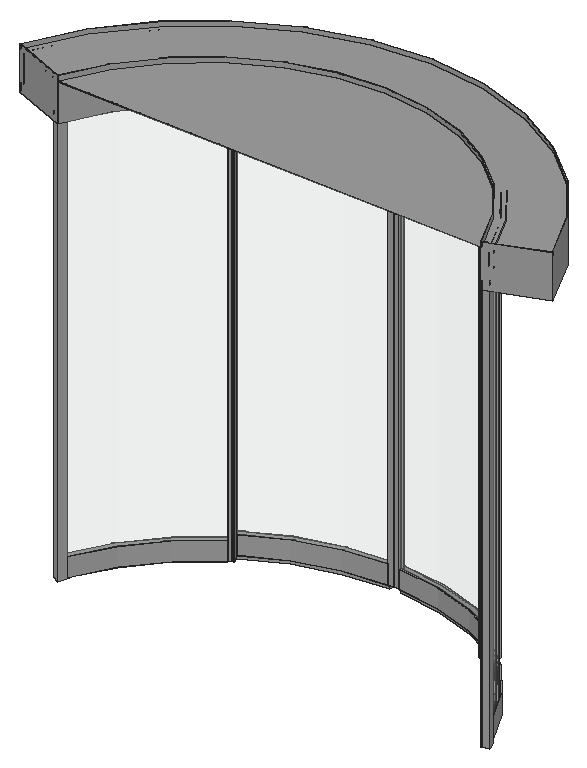
Revit family "agtatec_Record_SldngDrset_RST-ABST-IBST_Curtain Wall Panel", category Curtain Panels, Revit 2015 (continued)
Definition of nested family "RST - Generic"
  Definition of nested family "Panels"
    Automatic sketch dimensions
      Sweep 6 sketch curve to Sweep 6 sketch curve = 13 mm
      Sweep 6 sketch curve to Sweep 6 sketch curve = 2.351 mm
      Sweep 6 sketch curve to Sweep 6 sketch curve = 0.963 mm
      Sweep 6 sketch curve to Sweep 6 sketch curve = 0.982 mm
      Sweep 6 sketch curve to profile plane = 10 mm
      Sweep 6 sketch curve to profile plane = 7 mm
      Sweep 6 sketch curve to Sweep 6 sketch curve = 3 mm
      Sweep 6 sketch curve to Sweep 6 sketch curve = 9.564 mm
      Sweep 6 sketch curve to Sweep 6 sketch curve = 0.125 mm
      Sweep 9 sketch curve to profile plane = 0 mm  (x2)
      profile plane to Sweep 9 sketch curve = 15 mm  (x2)
      profile plane to Sweep 9 sketch curve = 12 mm
      profile plane to Sweep 9 sketch curve = 5 mm
      Sweep 9 sketch curve to Sweep 9 sketch curve = 1.4 mm  (x2)
      Sweep 9 sketch curve to Sweep 9 sketch curve = 1.3 mm
      Sweep 9 sketch curve to profile plane = 0.5 mm
      Sweep 9 sketch curve to Sweep 9 sketch curve = 5.66 mm
      Sweep 9 sketch curve to profile plane = 12 mm
      Sweep 9 sketch curve to Sweep 9 sketch curve = 7.44 mm
      Sweep 9 sketch curve to Sweep 9 sketch curve = 10 mm
      Sweep 9 sketch curve to Sweep 9 sketch curve = 3 mm  (x3)
      Sweep 7 to Sweep 10 sketch curve = 0 mm
      Sweep 7 to Sweep 10 sketch curve = 5 mm
      Sweep 10 sketch curve to profile plane = 0 mm  (x2)
      profile plane to Sweep 10 sketch curve = 15 mm  (x2)
      profile plane to Sweep 10 sketch curve = 12 mm
      Sweep 10 sketch curve to Sweep 10 sketch curve = 7.44 mm
      Sweep 10 sketch curve to Sweep 10 sketch curve = 1.4 mm  (x2)
      profile plane to Sweep 10 sketch curve = 0.5 mm
      Sweep 10 sketch curve to profile plane = 2.3 mm
      Sweep 10 sketch curve to Sweep 10 sketch curve = 1.3 mm
      Sweep 10 sketch curve to profile plane = 12 mm
      Sweep 10 sketch curve to Sweep 10 sketch curve = 10 mm  (x2)
      Sweep 10 sketch curve to Sweep 10 sketch curve = 3 mm  (x3)
      profile plane to Sweep 11 sketch curve = 5 mm
      Sweep 11 sketch curve to profile plane = 5 mm
      profile plane to Sweep 13 sketch curve = 0 mm  (x2)
      profile plane to Sweep 13 sketch curve = 15 mm
      Sweep 13 sketch curve to Sweep 13 sketch curve = 3 mm
      Sweep 13 sketch curve to profile plane = 12 mm
      Sweep 13 sketch curve to profile plane = 15 mm
      Sweep 13 sketch curve to Sweep 13 sketch curve = 0 mm
      Sweep 13 sketch curve to Sweep 13 sketch curve = 11 mm
      Sweep 13 sketch curve to Sweep 13 sketch curve = 0.123 mm
      Sweep 13 sketch curve to Sweep 13 sketch curve = 15 mm  (x2)
      Sweep 13 sketch curve to Sweep 13 sketch curve = 10 mm
      Sweep 13 sketch curve to Sweep 13 sketch curve = 0.963 mm
      Sweep 13 sketch curve to Sweep 13 sketch curve = 3.35 mm
      Sweep 14 sketch curve to Sweep 7 = 0 mm
      Sweep 7 to Sweep 14 sketch curve = 5 mm
      profile plane to Sweep 14 sketch curve = 0 mm  (x2)
      profile plane to Sweep 14 sketch curve = 26.123 mm
      Sweep 14 sketch curve to Sweep 14 sketch curve = 0.123 mm
      Sweep 14 sketch curve to Sweep 14 sketch curve = 11.123 mm
      Sweep 14 sketch curve to Sweep 14 sketch curve = 0 mm
      Sweep 14 sketch curve to Sweep 14 sketch curve = 3 mm  (x2)
      Sweep 14 sketch curve to profile plane = 12 mm
      Sweep 14 sketch curve to Sweep 14 sketch curve = 15 mm  (x2)
      Sweep 14 sketch curve to Sweep 14 sketch curve = 10 mm
      Sweep 14 sketch curve to Sweep 14 sketch curve = 0.963 mm
      Sweep 14 sketch curve to Sweep 14 sketch curve = 3.35 mm
      Masking region 2 sketch curve to Masking region 2 sketch curve = 3 mm
      Masking region 2 sketch curve to curve 1 = 21.945 mm
      Masking region 2 sketch curve to curve 1 = 20.001 mm
      Masking region 3 sketch curve to curve 1 = 20.001 mm
      Masking region 3 sketch curve to curve 1 = 21.945 mm
      Masking region 3 sketch curve to Masking region 3 sketch curve = 2.7 mm
      Masking region 7 sketch curve to Masking region 7 sketch curve = 0.123 mm
      Masking region 7 sketch curve to Masking region 7 sketch curve = 1.65 mm
      Masking region 8 sketch curve to Masking region 8 sketch curve = 0.123 mm
      curve 17 to curve 12 = 3 mm
      curve 10 to curve 18 = 3 mm
      profile plane to Sweep 15 sketch curve = 10 mm
      profile plane to Sweep 15 sketch curve = 7 mm
      Sweep 15 sketch curve to Sweep 15 sketch curve = 3 mm  (x2)
      Sweep 15 sketch curve to Sweep 15 sketch curve = 2.65 mm  (x2)
      Sweep 15 sketch curve to profile plane = 4.35 mm
      Sweep 15 sketch curve to profile plane = 7 mm
      level to Sweep 15 sketch curve = 5 mm  (x2)
      Sweep 15 sketch curve to Sweep 15 sketch curve = 24 mm
      Sweep 15 sketch curve to Sweep 15 sketch curve = 0 mm  (x2)
      Sweep 15 sketch curve to Sweep 15 sketch curve = 11 mm
      Sweep 15 sketch curve to Sweep 15 sketch curve = 4 mm
      Sweep 15 sketch curve to Sweep 15 sketch curve = 34 mm
      Sweep 16 sketch curve to plane 4 "Top Plane" = 0 mm  (x2)
      profile plane to Sweep 16 sketch curve = 10 mm
      profile plane to Sweep 16 sketch curve = 6.5 mm
      profile plane to Sweep 16 sketch curve = 4.35 mm
      Sweep 16 sketch curve to profile plane = 4.35 mm
      Sweep 16 sketch curve to profile plane = 6.5 mm
      Sweep 16 sketch curve to Sweep 16 sketch curve = 3.5 mm
      plane 4 "Top Plane" to Sweep 16 sketch curve = 28 mm
      Sweep 16 sketch curve to Sweep 16 sketch curve = 4 mm
      Sweep 16 sketch curve to Sweep 16 sketch curve = 12 mm  (x2)
      plane 6 "T" to Sweep 17 sketch curve = 0 mm
      profile plane to Sweep 17 sketch curve = 0 mm  (x2)
      Sweep 17 sketch curve to Sweep 17 sketch curve = 7 mm
      Sweep 17 sketch curve to Sweep 17 sketch curve = 2 mm  (x2)
      Sweep 17 sketch curve to Sweep 17 sketch curve = 6 mm  (x2)
      Sweep 17 sketch curve to profile plane = 10 mm
      Sweep 17 sketch curve to Sweep 17 sketch curve = 3 mm
      Sweep 17 sketch curve to profile plane = 5 mm
      profile plane to Sweep 17 sketch curve = 5 mm
      Sweep 17 sketch curve to Sweep 17 sketch curve = 5 mm
      Sweep 15 to Sweep 18 sketch curve = 0 mm
      Sweep 18 sketch curve to profile plane = 0 mm  (x2)
      profile plane to Sweep 18 sketch curve = 10 mm
      profile plane to Sweep 18 sketch curve = 7 mm  (x2)
      profile plane to Sweep 18 sketch curve = 5 mm
      Sweep 18 sketch curve to profile plane = 5 mm
      Sweep 18 sketch curve to Sweep 18 sketch curve = 2 mm  (x2)
      Sweep 18 sketch curve to Sweep 18 sketch curve = 5 mm
      Sweep 18 sketch curve to Sweep 18 sketch curve = 6 mm  (x2)
      Sweep 15 to Sweep 19 sketch curve = 0 mm
      Sweep 15 to Sweep 19 sketch curve = 4.35 mm
      Sweep 19 sketch curve to profile plane = 0 mm
      profile plane to Sweep 19 sketch curve = 10 mm
      Sweep 19 sketch curve to profile plane = 10 mm
      profile plane to Sweep 19 sketch curve = 2 mm  (x2)
      Sweep 19 sketch curve to Sweep 19 sketch curve = 1.7 mm
      profile plane to Sweep 19 sketch curve = 1 mm
      Sweep 19 sketch curve to Sweep 19 sketch curve = 7.658 mm
      Sweep 19 sketch curve to Sweep 19 sketch curve = 17 mm
      Sweep 19 sketch curve to Sweep 19 sketch curve = 13 mm
      Sweep 19 sketch curve to Sweep 19 sketch curve = 5 mm
      profile plane to Sweep 20 sketch curve = 0 mm  (x2)
      Sweep 20 sketch curve to profile plane = 10.5 mm
      profile plane to Sweep 20 sketch curve = 23 mm
      Sweep 20 sketch curve to Sweep 20 sketch curve = 2 mm  (x3)
      profile plane to Sweep 20 sketch curve = 10.5 mm
      profile plane to Sweep 21 sketch curve = 5 mm
      Sweep 21 sketch curve to profile plane = 5 mm
      Sweep 15 to Sweep 22 sketch curve = 0 mm
      Sweep 22 sketch curve to profile plane = 0 mm
      profile plane to Sweep 22 sketch curve = 2 mm  (x2)
      profile plane to Sweep 22 sketch curve = 27 mm
      profile plane to Sweep 22 sketch curve = 1 mm
      Sweep 22 sketch curve to Sweep 22 sketch curve = 7.642 mm
      Sweep 22 sketch curve to Sweep 22 sketch curve = 7.658 mm
      Sweep 22 sketch curve to Sweep 22 sketch curve = 1.7 mm
      Sweep 22 sketch curve to profile plane = 10 mm
      Sweep 22 sketch curve to Sweep 22 sketch curve = 13 mm
      Sweep 22 sketch curve to Sweep 22 sketch curve = 5 mm
      profile plane to Sweep 23 sketch curve = 15 mm
      profile plane to Sweep 23 sketch curve = 12 mm
      Sweep 23 sketch curve to Sweep 23 sketch curve = 3 mm  (x2)
      profile plane to Sweep 23 sketch curve = 4.35 mm
      Sweep 23 sketch curve to profile plane = 4.35 mm
      Sweep 23 sketch curve to Sweep 23 sketch curve = 7.65 mm
      Sweep 23 sketch curve to profile plane = 12 mm
      level to Sweep 23 sketch curve = 5 mm  (x2)
      Sweep 23 sketch curve to Sweep 23 sketch curve = 45 mm
      Sweep 23 sketch curve to Sweep 23 sketch curve = 0 mm  (x2)
      Sweep 23 sketch curve to Sweep 23 sketch curve = 12 mm
      Sweep 23 sketch curve to Sweep 23 sketch curve = 5 mm
      Sweep 23 sketch curve to Sweep 23 sketch curve = 33 mm
      Sweep 24 sketch curve to plane 4 "Top Plane" = 0 mm  (x2)
      profile plane to Sweep 24 sketch curve = 15 mm
      profile plane to Sweep 24 sketch curve = 12 mm
      profile plane to Sweep 24 sketch curve = 4.5 mm
      Sweep 24 sketch curve to profile plane = 4.5 mm
      Sweep 24 sketch curve to profile plane = 12 mm
      Sweep 24 sketch curve to Sweep 24 sketch curve = 3 mm
      plane 4 "Top Plane" to Sweep 24 sketch curve = 27 mm
      Sweep 24 sketch curve to Sweep 24 sketch curve = 5 mm
      Sweep 24 sketch curve to Sweep 24 sketch curve = 12 mm  (x2)
      Sweep 29 sketch curve to Sweep 29 sketch curve = 5 mm  (x2)
      Sweep 29 sketch curve to profile plane = 4 mm
      profile plane to Sweep 29 sketch curve = 4 mm
      profile plane to Sweep 25 sketch curve = 0 mm  (x2)
      Sweep 25 sketch curve to Sweep 25 sketch curve = 15 mm
      Sweep 25 sketch curve to Sweep 25 sketch curve = 3 mm  (x2)
      Sweep 25 sketch curve to Sweep 25 sketch curve = 7 mm  (x2)
      Sweep 25 sketch curve to Sweep 25 sketch curve = 10 mm
      Sweep 25 sketch curve to profile plane = 15 mm
      Sweep 25 sketch curve to profile plane = 8 mm
      profile plane to Sweep 25 sketch curve = 8 mm
      Sweep 25 sketch curve to Sweep 25 sketch curve = 4 mm
      profile plane to Sweep 28 sketch curve = 0 mm  (x2)
      Sweep 28 sketch curve to profile plane = 17.15 mm
      profile plane to Sweep 28 sketch curve = 37 mm
      Sweep 28 sketch curve to Sweep 28 sketch curve = 3 mm  (x2)
      profile plane to Sweep 28 sketch curve = 15.85 mm
      Sweep 28 sketch curve to Sweep 28 sketch curve = 2 mm
      plane 6 "T" to Sweep 25 sketch curve = 0 mm
      Sweep 25 sketch curve to plane 5 = 6 mm
      Sweep 26 sketch curve to profile plane = 0 mm  (x2)
      profile plane to Sweep 26 sketch curve = 15 mm  (x2)
      Sweep 26 sketch curve to Sweep 26 sketch curve = 3 mm  (x2)
      Sweep 26 sketch curve to profile plane = 8 mm
      Sweep 26 sketch curve to Sweep 26 sketch curve = 4 mm
      Sweep 26 sketch curve to Sweep 26 sketch curve = 7 mm  (x3)
      Sweep 26 sketch curve to Sweep 26 sketch curve = 10 mm
      Sweep 27 sketch curve to profile plane = 0 mm
      profile plane to Sweep 27 sketch curve = 15 mm
      Sweep 27 sketch curve to profile plane = 15 mm
      Sweep 27 sketch curve to Sweep 27 sketch curve = 1.75 mm
      profile plane to Sweep 27 sketch curve = 5.143 mm
      Sweep 27 sketch curve to Sweep 27 sketch curve = 15.25 mm
      profile plane to Sweep 27 sketch curve = 25 mm
      Sweep 27 sketch curve to Sweep 27 sketch curve = 5 mm
      profile plane to Sweep 27 sketch curve = 5.001 mm
      Sweep 30 sketch curve to profile plane = 0 mm
      profile plane to Sweep 30 sketch curve = 4.546 mm
      profile plane to Sweep 30 sketch curve = 32 mm
      Sweep 30 sketch curve to Sweep 30 sketch curve = 15.25 mm
      profile plane to Sweep 30 sketch curve = 15 mm
      Sweep 30 sketch curve to profile plane = 15 mm
      profile plane to Sweep 30 sketch curve = 25 mm
      Sweep 30 sketch curve to Sweep 30 sketch curve = 5 mm
      profile plane to Sweep 30 sketch curve = 4.688 mm
      Sweep 23 to Sweep 26 sketch curve = 0 mm
      Sweep 31 sketch curve to profile plane = 20 mm
      Sweep 23 to Sweep 32 sketch curve = 4.35 mm
      profile plane to Sweep 32 sketch curve = 27 mm
      profile plane to Sweep 32 sketch curve = 1 mm
      Sweep 32 sketch curve to Sweep 32 sketch curve = 7.642 mm
      profile plane to Sweep 32 sketch curve = 2 mm  (x2)
      Sweep 32 sketch curve to Sweep 32 sketch curve = 7.658 mm
      profile plane to Sweep 32 sketch curve = 10 mm
      Sweep 32 sketch curve to Sweep 32 sketch curve = 18 mm
      Sweep 32 sketch curve to profile plane = 20 mm
      Sweep 23 to Sweep 33 sketch curve = 4.35 mm
      Sweep 33 sketch curve to profile plane = 0.021 mm
      profile plane to Sweep 33 sketch curve = 12 mm  (x2)
      profile plane to Sweep 33 sketch curve = 0.971 mm
      Sweep 33 sketch curve to Sweep 33 sketch curve = 1.985 mm
      Sweep 33 sketch curve to Sweep 33 sketch curve = 2.7 mm
      Sweep 33 sketch curve to profile plane = 11.7 mm
      profile plane to Sweep 33 sketch curve = 1 mm
      Sweep 33 sketch curve to Sweep 33 sketch curve = 7.658 mm
      profile plane to Sweep 33 sketch curve = 2 mm
      Sweep 33 sketch curve to Sweep 33 sketch curve = 7.642 mm
      Sweep 33 sketch curve to Sweep 33 sketch curve = 20 mm
      Sweep 33 sketch curve to Sweep 33 sketch curve = 2 mm
      Sweep 33 sketch curve to Sweep 33 sketch curve = 12 mm
      Sweep 33 sketch curve to Sweep 33 sketch curve = 1.029 mm
      Sweep 33 sketch curve to Sweep 33 sketch curve = 18 mm
      Sweep 33 sketch curve to profile plane = 0 mm
      curve 51 to curve 54 = 2 mm
      Sweep 35 sketch curve to level = 0 mm
      profile plane to Sweep 35 sketch curve = 6 mm
      Sweep 35 sketch curve to Sweep 35 sketch curve = 4 mm  (x2)
      Sweep 35 sketch curve to profile plane = 6 mm
      level to Sweep 35 sketch curve = 4 mm  (x2)
      Sweep 35 sketch curve to Sweep 35 sketch curve = 21 mm
      Sweep 36 sketch curve to level = 0 mm  (x2)
      profile plane to Sweep 36 sketch curve = 9 mm
      Sweep 36 sketch curve to profile plane = 5 mm
      Sweep 36 sketch curve to Sweep 36 sketch curve = 0 mm  (x6)
      Sweep 36 sketch curve to Sweep 36 sketch curve = 2 mm  (x3)
      Sweep 37 sketch curve to level = 0 mm  (x2)
      profile plane to Sweep 37 sketch curve = 47 mm
      Sweep 37 sketch curve to Sweep 37 sketch curve = 23 mm
      profile plane to Sweep 37 sketch curve = 7 mm
      Sweep 37 sketch curve to profile plane = 5 mm
      Sweep 37 sketch curve to Sweep 37 sketch curve = 2 mm  (x3)
      Sweep 37 sketch curve to Sweep 37 sketch curve = 0 mm  (x3)
      Sweep 37 sketch curve to level = 29 mm
      Sweep 36 sketch curve to Sweep 36 sketch curve = 26 mm
      Sweep 7 sketch curve to level = 16.4 mm
      profile plane to Sweep 7 sketch curve = 15 mm
      Sweep 7 sketch curve to Sweep 7 sketch curve = 3 mm  (x3)
      Sweep 7 sketch curve to Sweep 7 sketch curve = 5.175 mm  (x2)
      profile plane to Sweep 7 sketch curve = 5 mm
      Sweep 7 sketch curve to profile plane = 5 mm
      Sweep 7 sketch curve to Sweep 7 sketch curve = 1.825 mm
      Sweep 7 sketch curve to profile plane = 12 mm
      level to Sweep 7 sketch curve = 5 mm  (x2)
      Sweep 7 sketch curve to Sweep 7 sketch curve = 23.6 mm
      Sweep 7 sketch curve to Sweep 7 sketch curve = 21.4 mm  (x2)
      Sweep 7 sketch curve to Sweep 7 sketch curve = 12 mm
      Sweep 7 sketch curve to Sweep 7 sketch curve = 5 mm
      Sweep 7 sketch curve to Sweep 7 sketch curve = 33 mm
      Sweep 7 sketch curve to Sweep 7 sketch curve = 0 mm
      level to Sweep 1 sketch curve = 5 mm  (x2)
      profile plane to Sweep 1 sketch curve = 10 mm
      Sweep 1 sketch curve to Sweep 1 sketch curve = 3 mm  (x3)
      profile plane to Sweep 1 sketch curve = 6.825 mm
      profile plane to Sweep 1 sketch curve = 4.35 mm
      Sweep 1 sketch curve to profile plane = 4.35 mm
      Sweep 1 sketch curve to profile plane = 6.825 mm
      Sweep 1 sketch curve to Sweep 1 sketch curve = 2.65 mm  (x2)
      Sweep 1 sketch curve to level = 16.4 mm
      Sweep 1 sketch curve to Sweep 1 sketch curve = 23.6 mm
      Sweep 1 sketch curve to Sweep 1 sketch curve = 0.4 mm  (x2)
      Sweep 1 sketch curve to Sweep 1 sketch curve = 11 mm
      Sweep 1 sketch curve to Sweep 1 sketch curve = 4 mm
      Sweep 1 sketch curve to Sweep 1 sketch curve = 34 mm
      Sweep 1 sketch curve to Sweep 1 sketch curve = 0 mm
      Sweep 34 sketch curve to level = 0 mm
      profile plane to Sweep 34 sketch curve = 10 mm
      Sweep 34 sketch curve to Sweep 34 sketch curve = 4 mm  (x2)
      level to Sweep 34 sketch curve = 2.5 mm  (x2)
      Sweep 34 sketch curve to profile plane = 6 mm
      Sweep 34 sketch curve to Sweep 34 sketch curve = 22.5 mm
      curve 31 to curve 30 = 3 mm
      curve 28 to curve 32 = 3 mm
      curve 27 to curve 23 = 3 mm
      curve 25 to curve 26 = 3 mm
      Sweep 23 to Sweep 31 sketch curve = 4.35 mm
      curve 3 to curve 61 = 0 mm  (x2)
      plane 1 "Center (Front/Back)" to curve 5 = 0 mm
      curve 5 to plane 3 "Center (Left/Right)" = 0 mm
Types (13, lengths in mm): name | WithoutSidePanels | WithSidePanels | Weight | WL | W | TFWidth | TFDichtung | Shape | SWAdd | SW | STWidth | RST360 | RST180 | PassageWidthOptions | Panel30mm | Panel20mm | Name | IBST | H | Features | DiameterOptions | BIMObjectName | ABST
  (no name) | no | yes | "n/a" | 438.986 | 32.3924° | 30 | 30 | "Half-Cylinder Shaped" | 3.7571° | 36.1495° | 30 | no | no | "contact manufacturer" | yes | no | "SldngDrset_ABST Circular-slidingDoor_Generic_Record" | no | 761.014 | "Air curtain" | "n/a" | "agtatec_Record_SldngDrset_ABST Circular-slidingDoor_WallBased" | yes
  IBST With Side Panels - 20 mm | no | yes | "n/a" | 468.262 | 31.7569° | 20 | 20 | "Half-Cylinder Shaped" | 3.51816° | 35.275° | 20 | no | no | "contact manufacturer" | no | yes | "SldngDrset_IBST-circular-slidingDoor_Generic_Record" | yes | 731.738 | "Air curtain" | "n/a" | "agtatec_Record_SldngDrset_IBST-circular-slidingDoor_WallBased" | no
  IBST With Side Panels - 30 mm | no | yes | "n/a" | 432.44 | 32.3924° | 30 | 30 | "Half-Cylinder Shaped" | 4.09256° | 36.4849° | 30 | no | no | "contact manufacturer" | yes | no | "SldngDrset_IBST-circular-slidingDoor_Generic_Record" | yes | 767.56 | "Air curtain" | "n/a" | "agtatec_Record_SldngDrset_IBST-circular-slidingDoor_WallBased" | no
  ABST With Side Panels - 20 mm | no | yes | "n/a" | 472.707 | 31.7569° | 20 | 20 | "Half-Cylinder Shaped" | 3.28746° | 35.0443° | 20 | no | no | "contact manufacturer" | no | yes | "SldngDrset_ABST Circular-slidingDoor_Generic_Record" | no | 727.293 | "Air curtain" | "n/a" | "agtatec_Record_SldngDrset_ABST Circular-slidingDoor_WallBased" | yes
  ABST With Side Panels - 30 mm | no | yes | "n/a" | 438.986 | 32.3924° | 30 | 30 | "Half-Cylinder Shaped" | 3.7571° | 36.1495° | 30 | no | no | "contact manufacturer" | yes | no | "SldngDrset_ABST Circular-slidingDoor_Generic_Record" | no | 761.014 | "Air curtain" | "n/a" | "agtatec_Record_SldngDrset_ABST Circular-slidingDoor_WallBased" | yes
  IBST Without Side Panels - 20 mm | yes | no | "n/a" | 468.262 | 31.7569° | 20 | 20 | "Half-Cylinder Shaped" | 3.51816° | 35.275° | 20 | no | no | "contact manufacturer" | no | yes | "SldngDrset_IBST-circular-slidingDoor_Generic_Record" | yes | 731.738 | "Air curtain" | "n/a" | "agtatec_Record_SldngDrset_IBST-circular-slidingDoor_WallBased" | no
  IBST Without Side Panels - 30 mm | yes | no | "n/a" | 432.44 | 32.3924° | 30 | 30 | "Half-Cylinder Shaped" | 4.09256° | 36.4849° | 30 | no | no | "contact manufacturer" | yes | no | "SldngDrset_IBST-circular-slidingDoor_Generic_Record" | yes | 767.56 | "Air curtain" | "n/a" | "agtatec_Record_SldngDrset_IBST-circular-slidingDoor_WallBased" | no
  ABST Without Side Panels - 20 mm | yes | no | "n/a" | 472.707 | 31.7569° | 20 | 20 | "Half-Cylinder Shaped" | 3.28746° | 35.0443° | 20 | no | no | "contact manufacturer" | no | yes | "SldngDrset_ABST Circular-slidingDoor_Generic_Record" | no | 727.293 | "Air curtain" | "n/a" | "agtatec_Record_SldngDrset_ABST Circular-slidingDoor_WallBased" | yes
  ABST Without Side Panels - 30 mm | yes | no | "n/a" | 438.986 | 32.3924° | 30 | 30 | "Half-Cylinder Shaped" | 3.7571° | 36.1495° | 30 | no | no | "contact manufacturer" | yes | no | "SldngDrset_ABST Circular-slidingDoor_Generic_Record" | no | 761.014 | "Air curtain" | "n/a" | "agtatec_Record_SldngDrset_ABST Circular-slidingDoor_WallBased" | yes
  RST 180 - 20 mm | no | yes | "160-340kg" | 0 | 31.7569° | 20 | 20 | "Half Cylinder Shaped" | 3.28746° | 58.2431° | 20 | no | yes | "1005-2451" | no | yes | "SldngDrset_RST-circular-slidingDoor_Generic_Record" | no | 1200 | "Air curtain" | "1500-3600" | "agtatec_Record_SldngDrset_RST-circular-slidingDoo_WallBased" | no
  RST 180 - 30 mm | no | yes | "160-340kg" | 0 | 32.3924° | 30 | 30 | "Half Cylinder Shaped" | 3.7571° | 57.6076° | 30 | no | yes | "1005-2451" | yes | no | "SldngDrset_RST-circular-slidingDoor_Generic_Record" | no | 1200 | "Air curtain" | "1500-3600" | "agtatec_Record_SldngDrset_RST-circular-slidingDoo_WallBased" | no
  RST 360 - 20 mm | no | yes | "320-680kg" | 0 | 31.7569° | 20 | 20 | "Full Cylinder Shaped" | 3.28746° | 58.2431° | 20 | yes | no | "1005-2451" | no | yes | "SldngDrset_RST-circular-slidingDoor_Generic_Record" | no | 1200 | "Sluice function, air curtain" | "1500-3600" | "agtatec_Record_SldngDrset_RTS-circular-slidingDoo_WallBased" | no
  RST 360 - 30 mm | no | yes | "320-680kg" | 0 | 32.3924° | 30 | 30 | "Full Cylinder Shaped" | 3.7571° | 57.6076° | 30 | yes | no | "1005-2451" | yes | no | "SldngDrset_RST-circular-slidingDoor_Generic_Record" | no | 1200 | "Sluice function, air curtain" | "1500-3600" | "agtatec_Record_SldngDrset_RTS-circular-slidingDoo_WallBased" | no
